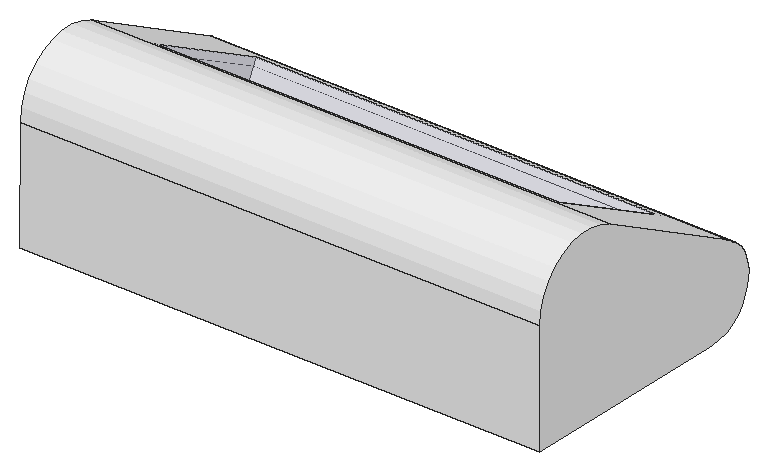
Revit family "Domotics-DomesticRanges-GEWISS-SYSTEM_CONTAINER_INSTRUMENT_WHITE", category Apparecchi elettrici, host Superficie, Revit 2016
Family settings
  Host = Superficie
  Mantenere orientamento annotazione = No
  Tipo di parte = Normale
  Quota connettore circolare = Usa diametro
  Taglio con vuoti quando caricato = Sì
  Condiviso = Sì
  Punto di calcolo locali = Sì
Parameters (values of type "GW24020 - 6 gang white desktop enclosure")
  Version file RFA = "19.4"
  URL = "https://www.gewiss.com/ww/en"
  Technical sheet = "https://www.gewiss.com/ww/en/search?q=GW24020"
  SEO = "Panel"
  Realized by GEWISS S.p.A. = ""
  Default Elevation = 1219.2 mm
  Produttore = "GEWISS S.p.A."
  Outer dim. LxHxD (mm) = "181x91x60"
  Montaggio [instance] = ""
  Modello = "GW24020"
  Materiale = GEWISS BIANCO
  Larghezza = 181 mm
  Immagine tipo = GW24020.jpg
  IFC.TypeObject = ""
  IFC.ExportType = ""
  IFC.ExportAs = ""
  IDT = "d7d2e53c-f1fd-478f-a6bf-c5f57b57fc10"
  IDF = "0d4456e1-1932-479c-a6b0-8d1cd8abcff7"
  Electrocod = "0110"
  EAN code = "8011564002296"
  Descrizione = "6 GANG WHITE DESKTOP ENCLOSURE"
  Description: = "6 gang"
  Colour = "Cloud white"
  Catalogue Range = "SYSTEM - BOXES"
  Catalogue = "DOMOTICS"
  COBie.Tagnumber = ""
  COBie.CreatedOn = ""
  COBie.CreatebBy = ""
  COBie.ComponentRegisterItemID = ""
  COBie.Component.TagNumber = ""
  COBie.Component.Space = ""
  COBie.Component.SerialNumber = ""
  COBie.Component.InstallationDate = ""
  COBie.Component.Description = ""
  COBie.Component.BarCode = ""
  Alimentazione [instance] = ""
Types (3, lengths in mm): name | URL | Technical sheet | Produttore | Outer dim. LxHxD (mm) | Modello | Larghezza | Immagine tipo | IDT | EAN code | Descrizione | Description:
  (no name) | 0 | "" | 0 | "" | 0 | 126 | GW24018.jpg | "" | "" | 0 | ""
  GW24018 - 4 gang white desktop enclosure | "https://www.gewiss.com/ww/en" | "https://www.gewiss.com/ww/en/search?q=GW24018" | "GEWISS S.p.A." | "126x91x60" | "GW24018" | 126 | GW24018.jpg | "c88a27fc-a1eb-4e9b-b3b7-3cee66426807" | "8011564002272" | "4 GANG WHITE DESKTOP ENCLOSURE" | "4 gang"
  GW24020 - 6 gang white desktop enclosure | "https://www.gewiss.com/ww/en" | "https://www.gewiss.com/ww/en/search?q=GW24020" | "GEWISS S.p.A." | "181x91x60" | "GW24020" | 181 | GW24020.jpg | "d7d2e53c-f1fd-478f-a6bf-c5f57b57fc10" | "8011564002296" | "6 GANG WHITE DESKTOP ENCLOSURE" | "6 gang"
Values of the unnamed type that differ from the named types
  Version file RFA = ""
  SEO = ""
  IDF = ""
  Electrocod = ""
  Colour = ""
  Catalogue Range = ""
  Catalogue = ""
Reference planes
  plane 1 "Centro (Fronte/Retro)": y = 0
  plane 2: z = 0
  plane 3 "Centro (Sinistra/Destra)": x = 0
  plane 4: y = 65
  plane 5: y = -65
  plane 6: z = 60
  plane 7: y = 36.944
  plane 8: y = 29.468
  plane 9: x = -90.5
  plane 10: x = 90.5
  plane 11: x = -70.5
  plane 12: x = 70.5
  plane 13: y = 32.248
  plane 14: y = -11.899
  plane 15: through (0, 18.164, 5.99) normal (0, 0.4695, 0.8829)
  plane 16: through (0, -8.942, 61.514) normal (0, -0.4695, -0.8829)
Forms (mm)
  Extrusion 1, solid, material "GEWISS BIANCO" <- "Materiale"
    sketch origin (0, 0, 0) x (0, 1, 0) y (0, 0, 1)
      loop
        arc (29.468, 0) -> (44.918, 12.071) -> (36.944, 29.982) r 15.923
        line (36.944, 29.982) -> (-14.828, 57.509)
        arc (-14.828, 57.509) -> (-35.378, 56.971) -> (-45.5, 39.08) r 20.873
        line (-45.5, 39.08) -> (-45.5, 0) -> (29.468, 0)
    from -90.5 to 90.5
  Extrusion 2, solid, material "GEWISS VETRINO"
    sketch origin (0, -38.983, 70.353) x (0, 0.882948, -0.469472) y (-1, 0, 0)
      loop
        line (30.675, -70.5) -> (80.675, -70.5) -> (80.675, 70.5) -> (30.675, 70.5) -> (30.675, -70.5)
    from -2.553 to 0
  Extrusion 3, void
    sketch origin (0, -40.182, 68.099) x (0, 0.882948, -0.469472) y (-1, 0, 0)
      loop
        line (30.675, -70.5) -> (80.675, -70.5) -> (80.675, 70.5) -> (30.675, 70.5) -> (30.675, -70.5)
    from -27.447 to 8.853
Cuts and joins
  Extrusion 3 cuts Extrusion 1
Dimensions and locks
  equal spacing: plane 4, plane 1 "Centro (Fronte/Retro)", plane 5
  plane 4 to plane 1 "Centro (Fronte/Retro)" = 65 mm
  plane 6 to level = 60 mm
  equal spacing: plane 9, plane 3 "Centro (Sinistra/Destra)", plane 10
  "Larghezza": plane 9 to plane 10
  plane 11 to plane 9 = 20 mm
  plane 10 to plane 12 = 20 mm
  locked: Extrusion 1 to Extrusion 2 at 2.553
  locked: Extrusion 1 to plane 15 at 30
  locked: Extrusion 1 to plane 16 at 6.3
  aligned and locked: plane 2 to host face
  aligned and locked: level to host face
  aligned and locked: plane 7 to Extrusion 1
  aligned and locked: plane 8 to Extrusion 1
  aligned and locked: Extrusion 1 to plane 9
  aligned and locked: plane 10 to Extrusion 1
  aligned and locked: Extrusion 1 to Extrusion 2
  aligned and locked: Extrusion 2 to plane 11
  aligned and locked: plane 12 to Extrusion 2
  aligned and locked: plane 13 to Extrusion 2
  aligned and locked: plane 14 to Extrusion 2
  aligned and locked: Extrusion 3 to Extrusion 2  (x2)
  aligned and locked: Extrusion 3 to plane 15
  aligned and locked: Extrusion 3 to plane 16
Automatic sketch dimensions
  host sketch curve to host sketch curve = 2438.4 mm  (x2)
  Extrusion 1 sketch curve to level = 0 mm
  Extrusion 1 sketch curve to plane 8 = 0 mm
  Extrusion 1 sketch curve to plane 7 = 0 mm
  Extrusion 1 sketch curve to plane 14 = 2.929 mm
  Extrusion 1 sketch curve to plane 14 = 12.728 mm
  Extrusion 1 sketch curve to plane 5 = 19.5 mm
  Extrusion 1 sketch curve to Extrusion 1 sketch curve = 15.923 mm
  Extrusion 1 sketch curve to plane 6 = 20.92 mm
  Extrusion 2 sketch curve to Extrusion 1 = 3.317 mm
  Extrusion 2 sketch curve to Extrusion 1 = 5.318 mm
  Extrusion 1 to Extrusion 2 sketch curve = 20 mm  (x2)
  Extrusion 3 sketch curve to plane 11 = 0 mm
  Extrusion 3 sketch curve to plane 12 = 0 mm
  Extrusion 3 sketch curve to Extrusion 3 sketch curve = 50 mm
